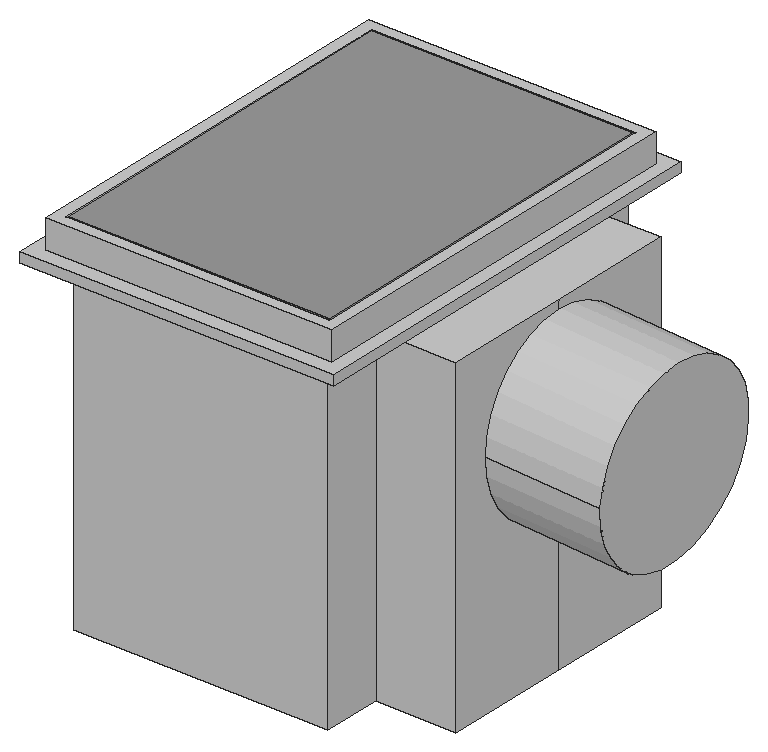
Revit family "HL_Трап для подвалов_HL71G", category Instalační zařizovací předměty, Revit 2016
Family settings
  Typ součásti = Normální
  Kóta kulaté spojky = Použít průměr
  Číslo OmniClass = 23.70.50.21.24.14
  Nadpis OmniClass = Deck Waste Water Drains
  Založené na pracovní rovině = Ne
  Vždy vertikální = Ano
  Ořezat dutým tvarem při načtení = Ne
  Sdílené = Ano
  Bod výpočtu místnosti = Ano
Parameters
  РЕШЁТКА = "155x225 mm/ GJL"
  РАЗМЕР = "DN110"
  ПРОПУСКНАЯ СПОСОБНОСТЬ [instance] = 0.0 L/s
  ПРОИЗВОДИТЕЛЬНОСТЬ = "2,3 l/s"
  ПРАВОВАЯ ИНФОРМАЦИЯ = "\"Copyright (©), design rights or any other intellectual property rights, shall be the exclusive property of HL Hutterer & Lechner GmbH. Modification is not allowed. Family has been watermarked.\""
  ПАДЕНИЕ ДАВЛЕНИЯ [instance] = 0.0 Pa
  НОМИНАЛЬНЫЙ ДИАМЕТР = 110 mm
  НАСАДКА = "170x240 mm"
  МАТЕРИАЛ = "ABS"
  МАКСИМАЛЬНАЯ НАГРУЗКА КЛАССА = "A/L15 - 1,5 t"
  ВЫСОТА МОНТАЖА = "220 mm"
  ВЕС = "2,7 kg"
  Připojení ventilace = no
  Výrobce = "HL Hutterer & Lechner GmbH"
  URL = "http://www.hutterer-lechner.com/en/products/catalog/roof-drains/HL71G.aspx"
  Připojení odpadu = yes
  Připojení HW = no
  Description = "Anti flood valves"
  Model = "HL_Basement drain_HL71G"
  Type Comments = "basement drain DN110 horizontal 170x240mm plastic/155x225mm cast iron"
  Keynote = "HL_Basement drain_HL71G"
  Высота монтажа [instance] = 0 mm
  Připojení CW = no
  EAN = "9003076701711"
  D1 [instance] = 192.4 mm
  D [instance] = Высота монтажа + 56.6 mm  # 56.6 mm
  C [instance] = Высота монтажа + 56.6 mm  # 56.6 mm
  B [instance] = Высота монтажа + 86 mm  # 86 mm
  A [instance] = if(B - 100 mm > 15 mm, B - 100 mm, 15 mm)  # 15 mm
Types (2, lengths in mm): name | ПРАВОВАЯ ИНФОРМАЦИЯ | URL | Description | Model | Type Comments | Keynote
  (no name) | "\"Copyright (©), design rights or any other intellectual property rights, shall be the exclusive property of HL Hutterer & Lechner GmbH. Modification is not allowed. Family has been watermarked.\"" | "http://www.hutterer-lechner.com/en/products/catalog/roof-drains/HL71G.aspx" | "Anti flood valves" | "HL_Basement drain_HL71G" | "basement drain DN110 horizontal 170x240mm plastic/155x225mm cast iron" | "HL_Basement drain_HL71G"
  HL_Трап для подвалов_HL71G | "\"Авторские права(©), права на дизайн или какие либо другие права интелектуальной собственности являются исключительной собственностью компании HL Hutterer & Lechner. Изменению не подлежит. Файл семейства с данными о прозводителе изделия защищен паролем с водяным знаком.\"" | "http://www.hutterer-lechner.com/ru/products/catalog/roof-drains/HL71G.aspx" | "Трап для подвалов" | "HL71G" | "Трап для подвалов DN110 горизонтальный 170х240мм синтетический материал/155х225мм чугун" | "HL71G"
Reference planes
  plane 1 "Center (Front/Back)": y = 0
  plane 2: z = 0
  plane 3 "Center (Left/Right)": x = 0
  plane 4 "Ball Joint Vertical": x = 25.45
  plane 5: z = 0
  plane 6: z = -86
Lines and regions (mm)
  model lines, style "InvisibleLines"
    curve 1: line (0, 0, 0) -> (0, 0, 560)
  reference lines
    curve 2: line (162.4, 0, -86) -> (192.4, 0, -86)
  model lines, detail levels coarse+medium
    curve 3: line (0, 0, -86) -> (0, 0, -71)
    curve 4: line (0, 0, -71) -> (71, 0, 0)
    curve 5: line (0, 0, -71) -> (-71, 0, 0)
    curve 6: line (0, 0, -86) -> (192.4, 0, -86)
  symbolic lines, style "PlumbingFixtures", detail levels coarse+medium
    curve 7: line (-75, 75, 0) -> (75, 75, 0)
    curve 8: line (-75, -75, 0) -> (-75, 75, 0)
    curve 9: line (75, -75, 0) -> (-75, -75, 0)
    curve 10: line (75, 75, 0) -> (75, -75, 0)
    curve 11: line (-75, 75, 0) -> (-145.711, 145.711, 0)
    curve 12: line (75, 75, 0) -> (145.711, 145.711, 0)
    curve 13: line (-75, -75, 0) -> (-145.711, -145.711, 0)
    curve 14: line (75, -75, 0) -> (145.711, -145.711, 0)
  symbolic lines, style "PlumbingFixtures", not visible, detail levels coarse+medium
    curve 15: line (-75, 75, 0) -> (75, 75, 0)
    curve 16: line (-75, -75, 0) -> (-75, 75, 0)
    curve 17: line (75, -75, 0) -> (-75, -75, 0)
    curve 18: line (75, 75, 0) -> (75, -75, 0)
    curve 19: line (-75, 75, 0) -> (-145.711, 145.711, 0)
    curve 20: line (75, 75, 0) -> (145.711, 145.711, 0)
    curve 21: line (-75, -75, 0) -> (-145.711, -145.711, 0)
    curve 22: line (75, -75, 0) -> (145.711, -145.711, 0)
Text (mm)
  text "FLOOR" at (-198.233, 0, -26.556), in view "вид строительства"
Dimensions and locks
  locked: plane 4 "Ball Joint Vertical" to plane 3 "Center (Left/Right)" at 25.45
  "Высота монтажа": plane 2 to plane 5
  "A": curve 5 to plane 6
  "B": curve 5 to plane 6
  "B": curve 4 to plane 6
  "B": plane 2 to plane 6
  "B": plane 2 to curve 6
  "D1": curve 2 to plane 3 "Center (Left/Right)"
  "D1": curve 6 to plane 3 "Center (Left/Right)"
  locked: curve 4 to plane 3 "Center (Left/Right)" (angle 45.00°)
  locked: plane 3 "Center (Left/Right)" to curve 5 (angle 45.00°)
  aligned and locked: level to plane 2
  aligned and locked: plane 2 to curve 1
  aligned and locked: plane 3 "Center (Left/Right)" to curve 1
  aligned and locked: plane 3 "Center (Left/Right)" to curve 5
  aligned and locked: curve 2 to plane 6
  aligned and locked: plane 5 to nested 1
  aligned and locked: plane 3 "Center (Left/Right)" to nested 1
  aligned and locked: plane 3 "Center (Left/Right)" to nested 2
  aligned and locked: plane 2 to nested 2
Automatic sketch dimensions
  level to curve 1 = 560 mm
  curve 2 to curve 2 = 30 mm
Nested families
  nested 1: "HL-Трап для подвалов-HL71G" at (0, 0, 0), type "HL-Трап для подвалов-HL71G"
  nested 2: "HL-Чугунная решетка для сливного отверстия-HL071.2E" at (0, 0, 0), type "HL-Чугунная решетка для сливного отверстия-HL071.2E"
Connectors
  piping at (192.4, 0, -86), diameter 110, driven by "НОМИНАЛЬНЫЙ ДИАМЕТР", driven by "ПРОПУСКНАЯ СПОСОБНОСТЬ"
    settings: on curve 2, index 1, connector inside diameter 609.6 mm, connector length 0 mm, flow factor 0, pipe flow 0.0 L/s, pressure drop 0.0 Pa, fitting loss kfactor 0, connector angle 0.00°, fixture units 0, engagement length 0 mm, angle of deflection 0.00°, flow configuration 1, flow direction 2, fitting loss method 0, system type 16, joint type 0, gender type 0, connector reference index -1, connector utility 0, adjustable connector yes, is connector primary yes, connector description ""
Definition of nested family "HL-Трап для подвалов-HL71G"
  Parameters (values of type "HL-Трап для подвалов-HL71G")
    Manufacturer = ""
    URL = ""
    Description = ""
    Model = ""
    Type Comments = ""
    Cost = 0
  Reference planes
    plane 1 "Střed (vpředu/vzadu)": y = 0
    plane 2: z = 0
    plane 3 "Střed (vlevo/vpravo)": x = 0
  Forms (mm)
    Extrusion 1, solid, detail levels fine
      sketch origin (0, 0, 0) x (0, 1, 0) y (-1, 0, 0)
        loop
          line (120, -85) -> (120, 85) -> (-120, 85) -> (-120, -85) -> (120, -85)
        loop
          line (-113.5, 78.5) -> (-113.5, -78.5) -> (113.5, -78.5) -> (113.5, 78.5) -> (-113.5, 78.5)
      from 0 to -17
    Extrusion 2, solid, detail levels fine
      sketch origin (0, 0, -17) x (-1, 0, 0) y (0, 1, 0)
        loop
          line (-93, 129) -> (-93, -129) -> (93, -129) -> (93, 129) -> (-93, 129)
      from 0 to 6
    Extrusion 3, solid, detail levels fine
      sketch origin (0, 0, -23) x (0, -1, 0) y (-1, 0, 0)
        loop
          line (0, -123.5) -> (76, -123.5) -> (76, -75.5) -> (111, -75.5) -> (111, 75.5) -> (0, 75.5) -> (-111, 75.5) -> (-111, -75.5) -> (-76, -75.5) -> (-76, -123.5) -> (0, -123.5)
      from 0 to 197
    Sweep 4, solid, detail levels fine
      path origin (0, 0, 0) x (-1, 0, 0) y (0, 0, 1)
        loop
          line (-194.993, -31.29) -> (-123.5, -27.543)
      profile origin (159.247, 0, -29.416) x (0.052336, 0, 0.99863) y (0, 1, 0)
        loop
          circle (-55, 0) r 55
  Dimensions and locks
    aligned and locked: level to plane 2
Definition of nested family "HL-Чугунная решетка для сливного отверстия-HL071.2E"
  Parameters
    РАЗМЕР = "155x225mm"
    ПРАВОВАЯ ИНФОРМАЦИЯ = "\"Copyright (©), design rights or any other intellectual property rights, shall be the exclusive property of HL Hutterer & Lechner GmbH. Modification is not allowed. Family has been watermarked.\""
    МАТЕРИАЛ = "GJL"
    МАКСИМАЛЬНАЯ НАГРУЗКА КЛАССА = "A/L15 - 1,5 t"
    ВЕС = "1,74 kg"
    Manufacturer = "HL Hutterer & Lechner GmbH"
    URL = "http://www.hutterer-lechner.com/en/products/catalog/roof-drains/HL071.2E.aspx"
    Description = "Attachments"
    Model = "HL071.2E"
    Type Comments = "cast iron grate 155x225mm"
    Keynote = "HL071.2E"
    EAN = "9003076007127"
    Cost = 0
  Types (2, lengths in mm): name | ПРАВОВАЯ ИНФОРМАЦИЯ | URL | Description | Type Comments
    (no name) | "\"Copyright (©), design rights or any other intellectual property rights, shall be the exclusive property of HL Hutterer & Lechner GmbH. Modification is not allowed. Family has been watermarked.\"" | "http://www.hutterer-lechner.com/en/products/catalog/roof-drains/HL071.2E.aspx" | "Attachments" | "cast iron grate 155x225mm"
    HL-Чугунная решетка для сливного отверстия-HL071.2E | "\"Авторские права(©), права на дизайн или какие либо другие права интелектуальной собственности являются исключительной собственностью компании HL Hutterer & Lechner. Изменению не подлежит. Файл семейства с данными о прозводителе изделия защищен паролем с водяным знаком.\"" | "http://www.hutterer-lechner.com/ru/products/catalog/roof-drains/HL071.2E.aspx" | "Вспомогательные материалы" | "Чугунная решетка для сливного отверстия 155х225мм"
  Reference planes
    plane 1 "Střed (vpředu/vzadu)": y = 0
    plane 2: z = 0
    plane 3 "Střed (vlevo/vpravo)": x = 0
  Forms (mm)
    Extrusion 1, solid, detail levels fine
      sketch origin (0, 0, 0) x (1, 0, 0) y (0, 1, 0)
        loop
          line (77.5, -112.5) -> (77.5, 112.5) -> (-77.5, 112.5) -> (-77.5, -112.5) -> (77.5, -112.5)
      from 0 to -20
  Lines and regions (mm)
    model lines, detail levels fine
      curve 1: line (59, -95, 0) -> (51, -95, 0)
      curve 2: line (59, -45, 0) -> (59, -95, 0)
      curve 3: line (51, -45, 0) -> (59, -45, 0)
      curve 4: line (51, -95, 0) -> (51, -45, 0)
      curve 5: line (59, -35, 0) -> (51, -35, 0)
      curve 6: line (59, 35, 0) -> (59, -35, 0)
      curve 7: line (51, 35, 0) -> (59, 35, 0)
      curve 8: line (51, -35, 0) -> (51, 35, 0)
      curve 9: line (37, -95, 0) -> (29, -95, 0)
      curve 10: line (37, -7, 0) -> (37, -95, 0)
      curve 11: line (29, -7, 0) -> (37, -7, 0)
      curve 12: line (29, -95, 0) -> (29, -7, 0)
      curve 13: line (15, -95, 0) -> (7, -95, 0)
      curve 14: line (15, -7, 0) -> (15, -95, 0)
      curve 15: line (7, -7, 0) -> (15, -7, 0)
      curve 16: line (7, -95, 0) -> (7, -7, 0)
      curve 17: line (15, 7, 0) -> (7, 7, 0)
      curve 18: line (15, 95, 0) -> (15, 7, 0)
      curve 19: line (7, 95, 0) -> (15, 95, 0)
      curve 20: line (7, 7, 0) -> (7, 95, 0)
      curve 21: line (37, 7, 0) -> (29, 7, 0)
      curve 22: line (37, 95, 0) -> (37, 7, 0)
      curve 23: line (29, 95, 0) -> (37, 95, 0)
      curve 24: line (29, 7, 0) -> (29, 95, 0)
      curve 25: line (59, 45, 0) -> (51, 45, 0)
      curve 26: line (59, 95, 0) -> (59, 45, 0)
      curve 27: line (51, 95, 0) -> (59, 95, 0)
      curve 28: line (51, 45, 0) -> (51, 95, 0)
      curve 29: line (-59, -95, 0) -> (-51, -95, 0)
      curve 30: line (-59, -45, 0) -> (-59, -95, 0)
      curve 31: line (-51, -45, 0) -> (-59, -45, 0)
      curve 32: line (-51, -95, 0) -> (-51, -45, 0)
      curve 33: line (-59, -35, 0) -> (-51, -35, 0)
      curve 34: line (-59, 35, 0) -> (-59, -35, 0)
      curve 35: line (-51, 35, 0) -> (-59, 35, 0)
      curve 36: line (-51, -35, 0) -> (-51, 35, 0)
      curve 37: line (-37, -95, 0) -> (-29, -95, 0)
      curve 38: line (-37, -7, 0) -> (-37, -95, 0)
      curve 39: line (-29, -7, 0) -> (-37, -7, 0)
      curve 40: line (-29, -95, 0) -> (-29, -7, 0)
      curve 41: line (-15, -95, 0) -> (-7, -95, 0)
      curve 42: line (-15, -7, 0) -> (-15, -95, 0)
      curve 43: line (-7, -7, 0) -> (-15, -7, 0)
      curve 44: line (-7, -95, 0) -> (-7, -7, 0)
      curve 45: line (-15, 7, 0) -> (-7, 7, 0)
      curve 46: line (-15, 95, 0) -> (-15, 7, 0)
      curve 47: line (-7, 95, 0) -> (-15, 95, 0)
      curve 48: line (-7, 7, 0) -> (-7, 95, 0)
      curve 49: line (-37, 7, 0) -> (-29, 7, 0)
      curve 50: line (-37, 95, 0) -> (-37, 7, 0)
      curve 51: line (-29, 95, 0) -> (-37, 95, 0)
      curve 52: line (-29, 7, 0) -> (-29, 95, 0)
      curve 53: line (-59, 45, 0) -> (-51, 45, 0)
      curve 54: line (-59, 95, 0) -> (-59, 45, 0)
      curve 55: line (-51, 95, 0) -> (-59, 95, 0)
      curve 56: line (-51, 45, 0) -> (-51, 95, 0)
  Dimensions and locks
    aligned and locked: level to plane 2
